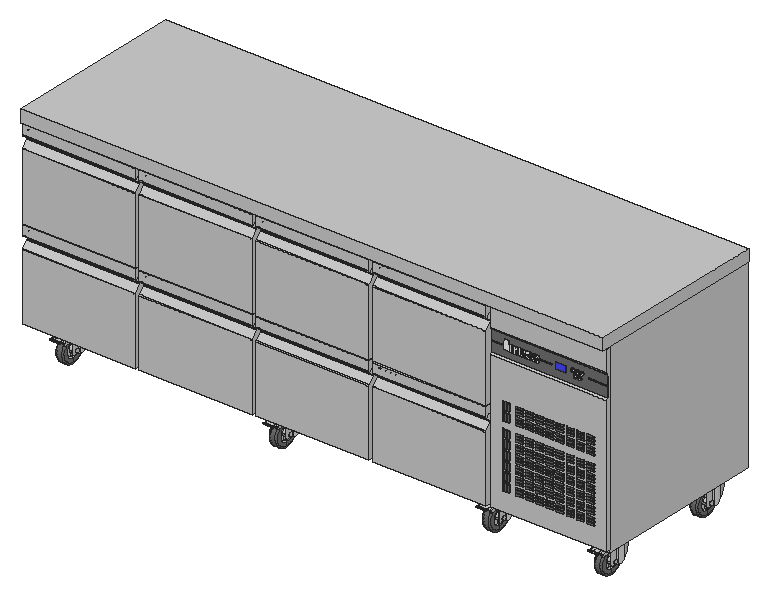
Revit family "QF_INOMAK_PNRP9999_250611031516", category Specialty Equipment, Revit 2021 (continued)
Definition of nested family "QF_INOMAK_REF_COUNTERS_DOORS_DRAWERS_35390"
  Nested families
    nested 8: "Hinged_Doors" at (0, 700, 0), Length Actual <- "Length Actual", Depth Actual <- "Depth Actual", Height Actual <- "Height Actual", Front inset <- "Front inset", Rear inset <- "Rear inset", Left panel thickness <- "Left panel thickness", Right panel thickness <- "Right panel thickness", Doors drawers type <- "Doors drawers type", Plinth height <- "Plinth height", Top inset <- "Top inset", Bottom inset <- "Bottom inset", Finish <- "Finish", type "Hinged doors"
      with Top inset 10 mm, Right panel thickness 0 mm, Rear inset 0 mm, Plinth height 0 mm, Length Actual 435 mm, Left panel thickness 0 mm, Hinged doors no, Height Actual 710 mm, Front inset 10 mm, Finish none, Doors drawers type 8, Depth Actual 700 mm, Bottom inset 10 mm
    nested 9: "Hopper" at (0, 700, 1.284), Length Actual <- "Length Actual", Depth Actual <- "Depth Actual", Height Actual <- "Height Actual", Front inset <- "Front inset", Rear inset <- "Rear inset", Left panel thickness <- "Left panel thickness", Right panel thickness <- "Right panel thickness", Doors drawers type <- "Doors drawers type", Plinth height <- "Plinth height", Top inset <- "Top inset", Bottom inset <- "Bottom inset", Finish <- "Finish", type "Hopper"
      with Top inset 10 mm, Right panel thickness 0 mm, Rear inset 0 mm, Plinth height 0 mm, Length Actual 435 mm, Left panel thickness 0 mm, Hopper no, Height Actual 710 mm, Front inset 10 mm, Finish none, Doors drawers type 8, Depth Actual 700 mm, Bottom inset 10 mm
  Definition of nested family "Left_Door"
    Parameters (values of type "Left door")
      URL = "www.specifiglobal.com"
      Top inset [instance] = 10 mm
      Right panel thickness [instance] = 0 mm
      Rear inset [instance] = 0 mm
      Plinth height [instance] = 150 mm
      Model = ""
      Manufacturer = "DEMO CONSULTANT"
      Length Actual [instance] = 700 mm
      Left panel thickness [instance] = 0 mm
      Left hand hinged door [instance] = Doors drawers type = 8  # yes
      Height Actual [instance] = 710 mm
      Front inset [instance] = 10 mm
      Finish = none
      Doors drawers type [instance] = 8
      Description = ""
      Depth Actual [instance] = 700 mm
      Default Elevation = 0 mm
      Bottom inset [instance] = 0 mm
      Assembly Code = "E1090320"
    Reference planes
      plane 1 "Back": y = 0
      plane 2: z = 0
      plane 3 "Left": x = 0
      plane 4 "Right": x = 700
      plane 5 "Front": y = -700
      plane 6 "Top": z = 860
      plane 7 "Front legs": y = -690
      plane 8 "Legs top": z = 150
      plane 9 "Backsplash thickness": y = 0
      plane 10 "Left panel": x = 0
      plane 11 "Right panel": x = 700
      plane 12: z = 850
      plane 13: z = 150
    Forms (mm)
      Extrusion 1, solid, material <- "Finish", visible <- "Left hand hinged door"
        sketch origin (0, 0, 0) x (0, -1, 0) y (0, 0, 1)
          loop
            line (690, 150) -> (690, 764.365)
            arc (690, 764.365) -> (689.866, 765.037) -> (689.485, 765.607) r 1.757
            line (689.485, 765.607) -> (666.663, 788.429)
            arc (666.663, 788.429) -> (665.976, 789.458) -> (665.734, 790.672) r 3.172
            line (665.734, 790.672) -> (665.734, 817.576)
            arc (665.734, 817.576) -> (666.433, 819.262) -> (668.119, 819.961) r 2.385
            line (668.119, 819.961) -> (680.029, 819.961) -> (686.544, 810.657)
            arc (686.544, 810.657) -> (688.671, 809.935) -> (690, 811.747) r 1.9
            line (690, 811.747) -> (690, 850) -> (648, 850) -> (648, 150) -> (690, 150)
        from 0 to -700
      Extrusion 2, solid, visible <- "Left hand hinged door", detail levels coarse
        sketch origin (0, -700, 150) x (-1, 0, 0) y (0, 1, 0)
          loop
            arc (-700, 10) -> (-495.871, -481.066) -> (0, -673.23) r 677.11
            line (0, -673.23) -> (0, 10) -> (-700, 10)
        from 0 to -700
    Lines and regions (mm)
      symbolic lines, visible <- "Left hand hinged door"
        curve 1: line (0, -700, 150) -> (0, -1373.247, 150)
        curve 2: arc (0, -1373.247, 150) -> (492.316, -1184.595, 150) -> (700, -700, 150) r 676.963
    Dimensions and locks
      "Length Actual": plane 3 "Left" to plane 4 "Right"
      "Depth Actual": plane 5 "Front" to plane 1 "Back"
      "Height Actual": plane 6 "Top" to plane 8 "Legs top"
      "Front inset": plane 7 "Front legs" to plane 5 "Front"
      "Plinth height": plane 8 "Legs top" to plane 2
      "Rear inset": plane 9 "Backsplash thickness" to plane 1 "Back"
      "Right panel thickness": plane 11 "Right panel" to plane 4 "Right"
      "Left panel thickness": plane 3 "Left" to plane 10 "Left panel"
      "Top inset": plane 6 "Top" to plane 12
      "Bottom inset": plane 13 to plane 8 "Legs top"
      aligned and locked: level to plane 2
      aligned and locked: Extrusion 1 to plane 11 "Right panel"
      aligned and locked: plane 10 "Left panel" to Extrusion 2 sketch curve
      aligned and locked: plane 11 "Right panel" to Extrusion 2 sketch curve
      aligned and locked: Extrusion 2 sketch curve to plane 10 "Left panel"
      aligned and locked: plane 7 "Front legs" to Extrusion 2 sketch curve
      aligned and locked: plane 7 "Front legs" to Extrusion 2
      aligned and locked: plane 10 "Left panel" to Extrusion 2
      aligned and locked: Extrusion 2 to plane 12
      aligned and locked: Extrusion 1 sketch curve to plane 13
      aligned and locked: Extrusion 1 sketch curve to plane 7 "Front legs"
      aligned and locked: Extrusion 1 sketch curve to plane 12
    Automatic sketch dimensions
      Extrusion 1 sketch curve to Extrusion 1 sketch curve = 1.556 mm
      Extrusion 1 sketch curve to Extrusion 1 sketch curve = 11.91 mm
      Extrusion 1 sketch curve to Extrusion 1 sketch curve = 2.243 mm
      Extrusion 1 sketch curve to Extrusion 1 sketch curve = 2.385 mm
      Extrusion 1 sketch curve to Extrusion 1 sketch curve = 20.119 mm
      Extrusion 1 sketch curve to Extrusion 1 sketch curve = 22.822 mm
      Extrusion 1 sketch curve to Extrusion 1 sketch curve = 19.985 mm
      Extrusion 1 sketch curve to Extrusion 1 sketch curve = 6.919 mm
      Extrusion 1 sketch curve to Extrusion 1 sketch curve = 30.039 mm
      plane 7 "Front legs" to Extrusion 1 sketch curve = 42 mm
      Extrusion 1 sketch curve to Extrusion 1 sketch curve = 0.929 mm
      Extrusion 1 sketch curve to Extrusion 1 sketch curve = 6.515 mm
      Extrusion 1 sketch curve to Extrusion 1 sketch curve = 1.242 mm
      Extrusion 1 sketch curve to Extrusion 1 sketch curve = 1.9 mm
      Extrusion 1 sketch curve to Extrusion 1 sketch curve = 0.515 mm
      plane 5 "Front" to Extrusion 2 sketch curve = 3.492 mm
      plane 3 "Left" to Extrusion 2 sketch curve = 22.921 mm
      curve 1 to plane 3 "Left" = 0 mm
      curve 2 to plane 4 "Right" = 0 mm
      curve 2 to plane 5 "Front" = 0 mm
      curve 1 to plane 5 "Front" = 0 mm
      plane 5 "Front" to curve 2 = 3.324 mm
      plane 3 "Left" to curve 2 = 23.045 mm
  Definition of nested family "Right_Door"
    Parameters (values of type "Right door")
      URL = "www.specifiglobal.com"
      Top inset [instance] = 4 mm
      Right panel thickness [instance] = 35 mm
      Right hand hinged door [instance] = Doors drawers type = 9  # yes
      Rear inset [instance] = 10 mm
      Plinth height [instance] = 150 mm
      Model = ""
      Manufacturer = "DEMO CONSULTANT"
      Length Actual [instance] = 1700 mm
      Left panel thickness [instance] = 35 mm
      Height Actual [instance] = 900 mm
      Front inset [instance] = 10 mm
      Finish = none
      Doors drawers type [instance] = 9
      Description = ""
      Depth Actual [instance] = 700 mm
      Default Elevation = 0 mm
      Bottom inset [instance] = 4 mm
      Assembly Code = "E1090320"
    Reference planes
      plane 1 "Back": y = 0
      plane 2: z = 0
      plane 3 "Left": x = 0
      plane 4 "Right": x = 1700
      plane 5 "Front": y = -700
      plane 6 "Top": z = 1050
      plane 7 "Front legs": y = -690
      plane 8 "Legs top": z = 150
      plane 9 "Backsplash thickness": y = -10
      plane 10 "Left panel": x = 35
      plane 11 "Right panel": x = 1665
      plane 12: z = 1046
      plane 13: z = 154
    Forms (mm)
      Extrusion 1, solid, material <- "Finish", visible <- "Right hand hinged door"
        sketch origin (35, 0, 0) x (0, -1, 0) y (0, 0, 1)
          loop
            line (690, 154) -> (690, 960.365)
            arc (690, 960.365) -> (689.866, 961.037) -> (689.485, 961.607) r 1.757
            line (689.485, 961.607) -> (666.663, 984.429)
            arc (666.663, 984.429) -> (665.976, 985.458) -> (665.734, 986.672) r 3.172
            line (665.734, 986.672) -> (665.734, 1013.576)
            arc (665.734, 1013.576) -> (666.433, 1015.262) -> (668.119, 1015.961) r 2.385
            line (668.119, 1015.961) -> (680.029, 1015.961) -> (686.544, 1006.657)
            arc (686.544, 1006.657) -> (688.671, 1005.935) -> (690, 1007.747) r 1.9
            line (690, 1007.747) -> (690, 1046) -> (648, 1046) -> (648, 154) -> (690, 154)
        from 0 to -1630
      Extrusion 2, solid, visible <- "Right hand hinged door", detail levels coarse
        sketch origin (0, -700, 154) x (-1, 0, 0) y (0, 1, 0)
          loop
            line (-1665, 10) -> (-1665, -1637.12)
            arc (-1665, -1637.12) -> (-517.894, -1142.214) -> (-35, 10) r 1670.236
            line (-35, 10) -> (-1665, 10)
        from 0 to -892
    Lines and regions (mm)
      symbolic lines, visible <- "Right hand hinged door"
        curve 1: line (1665, -2337.12, 150) -> (1665, -700, 150)
        curve 2: arc (1665, -2337.12, 150) -> (521.415, -1845.762, 150) -> (35.165, -699.995, 150) r 1670.236
    Dimensions and locks
      "Length Actual": plane 3 "Left" to plane 4 "Right"
      "Depth Actual": plane 5 "Front" to plane 1 "Back"
      "Height Actual": plane 6 "Top" to plane 8 "Legs top"
      "Front inset": plane 7 "Front legs" to plane 5 "Front"
      "Plinth height": plane 8 "Legs top" to plane 2
      "Rear inset": plane 9 "Backsplash thickness" to plane 1 "Back"
      "Right panel thickness": plane 11 "Right panel" to plane 4 "Right"
      "Left panel thickness": plane 3 "Left" to plane 10 "Left panel"
      "Top inset": plane 6 "Top" to plane 12
      "Bottom inset": plane 13 to plane 8 "Legs top"
      aligned and locked: level to plane 2
      aligned and locked: Extrusion 1 to plane 11 "Right panel"
      aligned and locked: plane 10 "Left panel" to Extrusion 2 sketch curve
      aligned and locked: plane 11 "Right panel" to Extrusion 2 sketch curve
      aligned and locked: plane 7 "Front legs" to Extrusion 2
      aligned and locked: plane 7 "Front legs" to Extrusion 2 sketch curve
      aligned and locked: Extrusion 2 sketch curve to plane 11 "Right panel"
      aligned and locked: curve 1 to Extrusion 2
      aligned and locked: plane 5 "Front" to curve 1
      aligned and locked: Extrusion 2 to plane 12
      aligned and locked: Extrusion 1 sketch curve to plane 12
      aligned and locked: Extrusion 1 sketch curve to plane 7 "Front legs"
      aligned and locked: Extrusion 1 sketch curve to plane 13
      aligned and locked: curve 2 to Extrusion 2
    Automatic sketch dimensions
      Extrusion 1 sketch curve to Extrusion 1 sketch curve = 1.556 mm
      Extrusion 1 sketch curve to Extrusion 1 sketch curve = 11.91 mm
      Extrusion 1 sketch curve to Extrusion 1 sketch curve = 2.243 mm
      Extrusion 1 sketch curve to Extrusion 1 sketch curve = 2.385 mm
      Extrusion 1 sketch curve to Extrusion 1 sketch curve = 20.119 mm
      Extrusion 1 sketch curve to Extrusion 1 sketch curve = 22.822 mm
      Extrusion 1 sketch curve to Extrusion 1 sketch curve = 19.985 mm
      Extrusion 1 sketch curve to Extrusion 1 sketch curve = 6.919 mm
      Extrusion 1 sketch curve to Extrusion 1 sketch curve = 30.039 mm
      plane 7 "Front legs" to Extrusion 1 sketch curve = 42 mm
      Extrusion 1 sketch curve to Extrusion 1 sketch curve = 0.929 mm
      Extrusion 1 sketch curve to Extrusion 1 sketch curve = 6.515 mm
      Extrusion 1 sketch curve to Extrusion 1 sketch curve = 1.242 mm
      Extrusion 1 sketch curve to Extrusion 1 sketch curve = 1.9 mm
      Extrusion 1 sketch curve to Extrusion 1 sketch curve = 0.515 mm
      Extrusion 2 sketch curve to plane 4 "Right" = 5.083 mm
      plane 7 "Front legs" to Extrusion 2 sketch curve = 22.635 mm
      plane 5 "Front" to curve 2 = 0.005 mm
  Definition of nested family "3_Drawers_1-3"
    Parameters (values of type "3 Drawers 1-3")
      URL = "www.specifiglobal.com"
      Top inset [instance] = 4 mm
      Right panel thickness [instance] = 35 mm
      Rear inset [instance] = 10 mm
      Plinth height [instance] = 150 mm
      Model = ""
      Manufacturer = "DEMO CONSULTANT"
      Length Actual [instance] = 1200 mm
      Left panel thickness [instance] = 35 mm
      Height Actual [instance] = 900 mm
      Front inset [instance] = 10 mm
      Finish = none
      Doors drawers type [instance] = 6
      Description = ""
      Depth Actual [instance] = 700 mm
      Default Elevation = 0 mm
      Bottom inset [instance] = 4 mm
      Assembly Code = "E1090320"
      3 Drawers [instance] = Doors drawers type = 6  # yes
    Reference planes
      plane 1 "Back": y = 0
      plane 2: z = 0
      plane 3 "Left": x = 0
      plane 4 "Right": x = 1200
      plane 5 "Front": y = -700
      plane 6 "Top": z = 1050
      plane 7 "Front legs": y = -690
      plane 8 "Legs top": z = 150
      plane 9 "Backsplash thickness": y = -10
      plane 10 "Left panel": x = 35
      plane 11 "Right panel": x = 1165
      plane 12: z = 749.333
      plane 13: z = 1046
      plane 14: z = 751.667
      plane 15: z = 747
      plane 16: z = 1048
      plane 17: z = 450.667
      plane 18: z = 453.333
      plane 19: z = 448
      plane 20: z = 154
      plane 21: z = 152
    Forms (mm)
      Extrusion 1, solid, material <- "Finish", visible <- "3 Drawers"
        sketch origin (35, 0, 0) x (0, -1, 0) y (0, 0, 1)
          loop
            line (690, 751.667) -> (690, 960.365)
            arc (690, 960.365) -> (689.866, 961.037) -> (689.485, 961.607) r 1.757
            line (689.485, 961.607) -> (666.663, 984.429)
            arc (666.663, 984.429) -> (665.976, 985.458) -> (665.734, 986.672) r 3.172
            line (665.734, 986.672) -> (665.734, 1013.576)
            arc (665.734, 1013.576) -> (666.433, 1015.262) -> (668.119, 1015.961) r 2.385
            line (668.119, 1015.961) -> (680.029, 1015.961) -> (686.544, 1006.657)
            arc (686.544, 1006.657) -> (688.671, 1005.935) -> (690, 1007.747) r 1.9
            line (690, 1007.747) -> (690, 1046) -> (648, 1046) -> (648, 751.667) -> (690, 751.667)
        from 0 to -1130
      Extrusion 2, solid, visible <- "3 Drawers", detail levels coarse
        sketch origin (0, -640.463, 751.667) x (0, 1, 0) y (-1, 0, 0)
          loop
            line (-49.537, -35) -> (-624.582, -35) -> (-624.582, -1165) -> (-49.537, -1165) -> (-49.537, -35)
        from 0 to 294.333
      Extrusion 3, solid, visible <- "3 Drawers", detail levels coarse
        sketch origin (0, -640.463, 453.333) x (0, 1, 0) y (-1, 0, 0)
          loop
            line (-49.537, -35) -> (-624.582, -35) -> (-624.582, -1165) -> (-49.537, -1165) -> (-49.537, -35)
        from 0 to 293.667
      Extrusion 4, solid, visible <- "3 Drawers", detail levels coarse
        sketch origin (0, -700, 154) x (-1, 0, 0) y (0, 1, 0)
          loop
            line (-35, 10) -> (-1165, 10) -> (-1165, -565.045) -> (-35, -565.045) -> (-35, 10)
        from 0 to -294
      Extrusion 5, solid, material <- "Finish", visible <- "3 Drawers"
        sketch origin (35, 0, -220.667) x (0, -1, 0) y (0, 0, 1)
          loop
            line (690, 674) -> (690, 882.031)
            arc (690, 882.031) -> (689.866, 882.704) -> (689.485, 883.274) r 1.757
            line (689.485, 883.274) -> (666.663, 906.096)
            arc (666.663, 906.096) -> (665.976, 907.125) -> (665.734, 908.339) r 3.172
            line (665.734, 908.339) -> (665.734, 935.243)
            arc (665.734, 935.243) -> (666.433, 936.929) -> (668.119, 937.628) r 2.385
            line (668.119, 937.628) -> (680.029, 937.628) -> (686.544, 928.324)
            arc (686.544, 928.324) -> (688.671, 927.602) -> (690, 929.414) r 1.9
            line (690, 929.414) -> (690, 967.667) -> (648, 967.667) -> (648, 674) -> (690, 674)
        from 0 to -1130
      Extrusion 6, solid, material <- "Finish", visible <- "3 Drawers"
        sketch origin (35, 0, -441.333) x (0, -1, 0) y (0, 0, 1)
          loop
            line (690, 595.333) -> (690, 800.031)
            arc (690, 800.031) -> (689.866, 800.704) -> (689.485, 801.274) r 1.757
            line (689.485, 801.274) -> (666.663, 824.096)
            arc (666.663, 824.096) -> (665.976, 825.125) -> (665.734, 826.339) r 3.172
            line (665.734, 826.339) -> (665.734, 857.243)
            arc (665.734, 857.243) -> (666.433, 858.929) -> (668.119, 859.628) r 2.385
            line (668.119, 859.628) -> (680.029, 859.628) -> (686.544, 850.324)
            arc (686.544, 850.324) -> (688.671, 849.602) -> (690, 851.414) r 1.9
            line (690, 851.414) -> (690, 889.333) -> (648, 889.333) -> (648, 595.333) -> (690, 595.333)
        from 0 to -1130
    Lines and regions (mm)
      symbolic lines, visible <- "3 Drawers"
        curve 1: line (35, -850, 900) -> (35, -890, 900)
        curve 2: line (35, -890, 900) -> (1165, -890, 900)
        curve 3: line (1165, -890, 900) -> (1165, -850, 900)
        curve 4: line (1165, -850, 900) -> (35, -850, 900)
        curve 5: line (1135, -850, 900) -> (1135, -700, 900)
        curve 6: line (65, -850, 900) -> (65, -700, 900)
        curve 7: line (35, -1040, 900) -> (35, -1080, 900)
        curve 8: line (35, -1080, 900) -> (1165, -1080, 900)
        curve 9: line (1165, -1080, 900) -> (1165, -1040, 900)
        curve 10: line (1165, -1040, 900) -> (35, -1040, 900)
        curve 11: line (1135, -1040, 900) -> (1135, -890, 900)
        curve 12: line (65, -1040, 900) -> (65, -890, 900)
        curve 13: line (35, -1225, 900) -> (35, -1265, 900)
        curve 14: line (35, -1265, 900) -> (1165, -1265, 900)
        curve 15: line (1165, -1265, 900) -> (1165, -1225, 900)
        curve 16: line (1165, -1225, 900) -> (35, -1225, 900)
        curve 17: line (1135, -1225, 900) -> (1135, -1080, 900)
        curve 18: line (65, -1225, 900) -> (65, -1080, 900)
    Dimensions and locks
      "Length Actual": plane 3 "Left" to plane 4 "Right"
      "Depth Actual": plane 5 "Front" to plane 1 "Back"
      "Height Actual": plane 6 "Top" to plane 8 "Legs top"
      "Front inset": plane 7 "Front legs" to plane 5 "Front"
      "Plinth height": plane 8 "Legs top" to plane 2
      "Rear inset": plane 9 "Backsplash thickness" to plane 1 "Back"
      "Right panel thickness": plane 11 "Right panel" to plane 4 "Right"
      "Left panel thickness": plane 3 "Left" to plane 10 "Left panel"
      plane 14 to plane 15 = 4.667 mm
      equal spacing: plane 14, plane 12, plane 15
      locked: plane 16 to plane 13 at 2
      equal spacing: plane 18, plane 17, plane 19
      plane 18 to plane 19 = 5.333 mm
      "Bottom inset": plane 20 to plane 8 "Legs top"
      equal spacing: plane 21, plane 17, plane 12, plane 16
      "Top inset": plane 13 to plane 6 "Top"
      locked: plane 21 to plane 20 at 2
      aligned and locked: level to plane 2
      aligned and locked: Extrusion 1 to plane 11 "Right panel"
      aligned and locked: plane 10 "Left panel" to curve 1
      aligned and locked: plane 10 "Left panel" to curve 7
      aligned and locked: plane 10 "Left panel" to curve 13
      aligned and locked: Extrusion 2 sketch curve to plane 10 "Left panel"
      aligned and locked: plane 11 "Right panel" to Extrusion 2 sketch curve
      aligned and locked: Extrusion 3 sketch curve to plane 10 "Left panel"
      aligned and locked: plane 11 "Right panel" to Extrusion 3 sketch curve
      aligned and locked: Extrusion 4 sketch curve to plane 10 "Left panel"
      aligned and locked: plane 11 "Right panel" to Extrusion 4 sketch curve
      aligned and locked: Extrusion 2 to plane 13
      aligned and locked: Extrusion 3 to plane 15
      aligned and locked: Extrusion 4 to plane 19
      aligned and locked: Extrusion 5 to plane 11 "Right panel"
      aligned and locked: Extrusion 6 to plane 11 "Right panel"
      aligned and locked: Extrusion 1 sketch curve to plane 13
      aligned and locked: Extrusion 1 sketch curve to plane 7 "Front legs"
      aligned and locked: plane 18 to Extrusion 5 sketch curve
      aligned and locked: Extrusion 6 sketch curve to Extrusion 4  (x2)
      aligned and locked: Extrusion 5 sketch curve to plane 15
      aligned and locked: Extrusion 4 to Extrusion 5 sketch curve
      aligned and locked: Extrusion 6 sketch curve to plane 19
      aligned and locked: Extrusion 6 sketch curve to plane 20
    Automatic sketch dimensions
      Extrusion 2 sketch curve to plane 7 "Front legs" = 0 mm
      Extrusion 2 sketch curve to plane 5 "Front" = 565.045 mm
      Extrusion 3 sketch curve to plane 7 "Front legs" = 0 mm
      Extrusion 3 sketch curve to plane 5 "Front" = 565.045 mm
      Extrusion 4 sketch curve to plane 7 "Front legs" = 0 mm
      Extrusion 4 sketch curve to plane 5 "Front" = 565.045 mm
      curve 14 to plane 11 "Right panel" = 0 mm
      curve 8 to plane 11 "Right panel" = 0 mm
      curve 3 to plane 11 "Right panel" = 0 mm
      curve 6 to plane 5 "Front" = 0 mm
      curve 5 to plane 5 "Front" = 0 mm
      curve 1 to plane 5 "Front" = 150 mm
      curve 2 to curve 3 = 40 mm
      curve 10 to curve 1 = 150 mm
      curve 9 to curve 9 = 40 mm
      curve 13 to curve 7 = 145 mm
      curve 14 to curve 13 = 40 mm
      curve 3 to curve 5 = 30 mm
      curve 15 to curve 17 = 30 mm
      curve 11 to curve 17 = 0 mm
      curve 6 to plane 10 "Left panel" = 30 mm
      curve 18 to plane 10 "Left panel" = 30 mm
      curve 12 to curve 18 = 0 mm
      Extrusion 1 sketch curve to plane 14 = 0 mm
      Extrusion 1 sketch curve to plane 7 "Front legs" = 0 mm
      plane 7 "Front legs" to Extrusion 1 sketch curve = 0.515 mm
      plane 7 "Front legs" to Extrusion 1 sketch curve = 1.757 mm
      plane 7 "Front legs" to Extrusion 1 sketch curve = 1.9 mm
      Extrusion 1 sketch curve to Extrusion 1 sketch curve = 1.556 mm
      plane 7 "Front legs" to Extrusion 1 sketch curve = 9.971 mm
      plane 7 "Front legs" to Extrusion 1 sketch curve = 21.094 mm
      Extrusion 1 sketch curve to Extrusion 1 sketch curve = 11.91 mm
      Extrusion 1 sketch curve to Extrusion 1 sketch curve = 2.243 mm
      Extrusion 1 sketch curve to Extrusion 1 sketch curve = 2.385 mm
      Extrusion 1 sketch curve to Extrusion 1 sketch curve = 20.119 mm
      plane 13 to Extrusion 1 sketch curve = 85.635 mm
      Extrusion 1 sketch curve to Extrusion 1 sketch curve = 22.822 mm
      Extrusion 1 sketch curve to Extrusion 1 sketch curve = 19.985 mm
      Extrusion 1 sketch curve to Extrusion 1 sketch curve = 6.919 mm
      plane 15 to Extrusion 5 sketch curve = 59.328 mm
      Extrusion 5 sketch curve to Extrusion 5 sketch curve = 17.734 mm
      plane 15 to Extrusion 5 sketch curve = 61.571 mm
      Extrusion 5 sketch curve to Extrusion 5 sketch curve = 0.929 mm
      Extrusion 5 sketch curve to Extrusion 5 sketch curve = 2.385 mm
      Extrusion 5 sketch curve to Extrusion 5 sketch curve = 11.91 mm
      Extrusion 5 sketch curve to Extrusion 5 sketch curve = 6.515 mm
      Extrusion 5 sketch curve to Extrusion 5 sketch curve = 1.556 mm
      Extrusion 5 sketch curve to Extrusion 5 sketch curve = 21.58 mm
      plane 15 to Extrusion 5 sketch curve = 84.393 mm
      Extrusion 5 sketch curve to Extrusion 5 sketch curve = 1.242 mm
      Extrusion 5 sketch curve to Extrusion 5 sketch curve = 1.9 mm
      Extrusion 5 sketch curve to Extrusion 5 sketch curve = 0.515 mm
      Extrusion 5 sketch curve to Extrusion 5 sketch curve = 6.919 mm
      Extrusion 5 sketch curve to Extrusion 5 sketch curve = 30.039 mm
      plane 7 "Front legs" to Extrusion 6 sketch curve = 0.515 mm
      plane 7 "Front legs" to Extrusion 6 sketch curve = 1.757 mm
      plane 7 "Front legs" to Extrusion 6 sketch curve = 1.9 mm
      Extrusion 6 sketch curve to Extrusion 6 sketch curve = 1.556 mm
      plane 7 "Front legs" to Extrusion 6 sketch curve = 9.971 mm
      plane 7 "Front legs" to Extrusion 6 sketch curve = 21.094 mm
      Extrusion 6 sketch curve to Extrusion 6 sketch curve = 11.91 mm
      Extrusion 6 sketch curve to Extrusion 6 sketch curve = 2.243 mm
      Extrusion 6 sketch curve to Extrusion 6 sketch curve = 2.385 mm
      Extrusion 6 sketch curve to Extrusion 6 sketch curve = 20.119 mm
      plane 19 to Extrusion 6 sketch curve = 89.302 mm
      Extrusion 6 sketch curve to Extrusion 6 sketch curve = 22.822 mm
      Extrusion 6 sketch curve to Extrusion 6 sketch curve = 23.985 mm
      Extrusion 6 sketch curve to Extrusion 6 sketch curve = 6.919 mm
  Definition of nested family "2_Drawers_1-2"
    Parameters (values of type "2 Drawers 1-2")
      URL = "www.specifiglobal.com"
      Top inset [instance] = 4 mm
      Right panel thickness [instance] = 35 mm
      Rear inset [instance] = 10 mm
      Plinth height [instance] = 150 mm
      Model = ""
      Manufacturer = "DEMO CONSULTANT"
      Length Actual [instance] = 1200 mm
      Left panel thickness [instance] = 35 mm
      Height Actual [instance] = 900 mm
      Front inset [instance] = 10 mm
      Finish = none
      Doors drawers type [instance] = 4
      Description = ""
      Depth Actual [instance] = 700 mm
      Default Elevation = 0 mm
      Bottom inset [instance] = 4 mm
      Assembly Code = "E1090320"
      2 Drawers [instance] = Doors drawers type = 4  # yes
    Reference planes
      plane 1 "Back": y = 0
      plane 2: z = 0
      plane 3 "Left": x = 0
      plane 4 "Right": x = 1200
      plane 5 "Front": y = -700
      plane 6 "Top": z = 1050
      plane 7 "Front legs": y = -690
      plane 8 "Legs top": z = 150
      plane 9 "Backsplash thickness": y = -10
      plane 10 "Left panel": x = 35
      plane 11 "Right panel": x = 1165
      plane 12: z = 600
      plane 13: z = 1046
      plane 14: z = 602
      plane 15: z = 598
      plane 16: z = 154
    Forms (mm)
      Extrusion 1, solid, material <- "Finish", visible <- "2 Drawers"
        sketch origin (35, 0, 0) x (0, -1, 0) y (0, 0, 1)
          loop
            line (690, 602) -> (690, 960.365)
            arc (690, 960.365) -> (689.866, 961.037) -> (689.485, 961.607) r 1.757
            line (689.485, 961.607) -> (666.663, 984.429)
            arc (666.663, 984.429) -> (665.976, 985.458) -> (665.734, 986.672) r 3.172
            line (665.734, 986.672) -> (665.734, 1013.576)
            arc (665.734, 1013.576) -> (666.433, 1015.262) -> (668.119, 1015.961) r 2.385
            line (668.119, 1015.961) -> (680.029, 1015.961) -> (686.544, 1006.657)
            arc (686.544, 1006.657) -> (688.671, 1005.935) -> (690, 1007.747) r 1.9
            line (690, 1007.747) -> (690, 1046) -> (648, 1046) -> (648, 602) -> (690, 602)
        from 0 to -1130
      Extrusion 2, solid, visible <- "2 Drawers", detail levels coarse
        sketch origin (0, -640.463, 602) x (0, 1, 0) y (-1, 0, 0)
          loop
            line (-49.537, -35) -> (-624.537, -35) -> (-624.537, -1165) -> (-49.537, -1165) -> (-49.537, -35)
        from 0 to 444
      Extrusion 3, solid, visible <- "2 Drawers", detail levels coarse
        sketch origin (0, -700, 154) x (-1, 0, 0) y (0, 1, 0)
          loop
            line (-35, 10) -> (-1165, 10) -> (-1165, -565) -> (-35, -565) -> (-35, 10)
        from 0 to -444
      Extrusion 4, solid, material <- "Finish", visible <- "2 Drawers"
        sketch origin (35, 0, -441.333) x (0, -1, 0) y (0, 0, 1)
          loop
            line (690, 595.333) -> (690, 953.698)
            arc (690, 953.698) -> (689.866, 954.37) -> (689.485, 954.94) r 1.757
            line (689.485, 954.94) -> (666.663, 977.763)
            arc (666.663, 977.763) -> (665.976, 978.792) -> (665.734, 980.006) r 3.172
            line (665.734, 980.006) -> (665.734, 1006.909)
            arc (665.734, 1006.909) -> (666.433, 1008.596) -> (668.119, 1009.294) r 2.385
            line (668.119, 1009.294) -> (680.029, 1009.294) -> (686.544, 999.991)
            arc (686.544, 999.991) -> (688.671, 999.268) -> (690, 1001.08) r 1.9
            line (690, 1001.08) -> (690, 1039.333) -> (648, 1039.333) -> (648, 595.333) -> (690, 595.333)
        from 0 to -1130
    Lines and regions (mm)
      symbolic lines, visible <- "2 Drawers"
        curve 1: line (35, -940, 900) -> (35, -980, 900)
        curve 2: line (35, -980, 900) -> (1165, -980, 900)
        curve 3: line (1165, -980, 900) -> (1165, -940, 900)
        curve 4: line (1165, -940, 900) -> (35, -940, 900)
        curve 5: line (1135, -940, 900) -> (1135, -700, 900)
        curve 6: line (65, -940, 900) -> (65, -700, 900)
        curve 7: line (35, -1225, 900) -> (35, -1265, 900)
        curve 8: line (35, -1265, 900) -> (1165, -1265, 900)
        curve 9: line (1165, -1265, 900) -> (1165, -1225, 900)
        curve 10: line (1165, -1225, 900) -> (35, -1225, 900)
        curve 11: line (1135, -1225, 900) -> (1135, -980, 900)
        curve 12: line (65, -1225, 900) -> (65, -980, 900)
    Dimensions and locks
      "Length Actual": plane 3 "Left" to plane 4 "Right"
      "Depth Actual": plane 5 "Front" to plane 1 "Back"
      "Height Actual": plane 6 "Top" to plane 8 "Legs top"
      "Front inset": plane 7 "Front legs" to plane 5 "Front"
      "Plinth height": plane 8 "Legs top" to plane 2
      "Rear inset": plane 9 "Backsplash thickness" to plane 1 "Back"
      "Right panel thickness": plane 11 "Right panel" to plane 4 "Right"
      "Left panel thickness": plane 3 "Left" to plane 10 "Left panel"
      "Top inset": plane 6 "Top" to plane 13
      "Bottom inset": plane 16 to plane 8 "Legs top"
      equal spacing: plane 16, plane 12, plane 13
      locked: plane 14 to plane 12 at 2
      locked: plane 15 to plane 12 at 2
      aligned and locked: level to plane 2
      aligned and locked: Extrusion 1 to plane 11 "Right panel"
      aligned and locked: plane 10 "Left panel" to curve 1
      aligned and locked: plane 10 "Left panel" to curve 7
      aligned and locked: Extrusion 2 sketch curve to plane 10 "Left panel"
      aligned and locked: plane 11 "Right panel" to Extrusion 2 sketch curve
      aligned and locked: Extrusion 3 sketch curve to plane 10 "Left panel"
      aligned and locked: plane 11 "Right panel" to Extrusion 3 sketch curve
      aligned and locked: Extrusion 2 to plane 13
      aligned and locked: Extrusion 4 to plane 11 "Right panel"
      aligned and locked: Extrusion 3 to plane 15
      aligned and locked: Extrusion 1 sketch curve to plane 13
      aligned and locked: Extrusion 1 sketch curve to plane 7 "Front legs"
      aligned and locked: plane 14 to Extrusion 1 sketch curve
      aligned and locked: Extrusion 4 sketch curve to plane 15
      aligned and locked: Extrusion 4 sketch curve to plane 7 "Front legs"
      aligned and locked: Extrusion 4 sketch curve to plane 16
    Automatic sketch dimensions
      Extrusion 2 sketch curve to plane 7 "Front legs" = 0 mm
      Extrusion 2 sketch curve to plane 5 "Front" = 565 mm
      Extrusion 3 sketch curve to plane 7 "Front legs" = 0 mm
      Extrusion 3 sketch curve to plane 5 "Front" = 565 mm
      curve 9 to plane 11 "Right panel" = 0 mm
      curve 2 to plane 11 "Right panel" = 0 mm
      curve 5 to plane 5 "Front" = 0 mm
      curve 6 to plane 5 "Front" = 0 mm
      curve 1 to plane 5 "Front" = 240 mm
      curve 3 to curve 3 = 40 mm
      curve 7 to curve 1 = 245 mm
      curve 8 to curve 9 = 40 mm
      plane 11 "Right panel" to curve 5 = 30 mm
      curve 2 to curve 11 = 30 mm
      curve 6 to plane 10 "Left panel" = 30 mm
      curve 12 to plane 10 "Left panel" = 30 mm
      Extrusion 1 sketch curve to Extrusion 1 sketch curve = 17.734 mm
      Extrusion 1 sketch curve to Extrusion 1 sketch curve = 0.929 mm
      Extrusion 1 sketch curve to Extrusion 1 sketch curve = 2.385 mm
      Extrusion 1 sketch curve to Extrusion 1 sketch curve = 3.172 mm
      Extrusion 1 sketch curve to Extrusion 1 sketch curve = 11.91 mm
      Extrusion 1 sketch curve to Extrusion 1 sketch curve = 6.515 mm
      Extrusion 1 sketch curve to Extrusion 1 sketch curve = 1.556 mm
      Extrusion 1 sketch curve to Extrusion 1 sketch curve = 21.58 mm
      Extrusion 1 sketch curve to Extrusion 1 sketch curve = 1.242 mm
      Extrusion 1 sketch curve to Extrusion 1 sketch curve = 1.9 mm
      Extrusion 1 sketch curve to Extrusion 1 sketch curve = 0.515 mm
      Extrusion 1 sketch curve to Extrusion 1 sketch curve = 22.822 mm
      Extrusion 1 sketch curve to Extrusion 1 sketch curve = 19.985 mm
      Extrusion 1 sketch curve to Extrusion 1 sketch curve = 6.919 mm
      Extrusion 1 sketch curve to Extrusion 1 sketch curve = 30.039 mm
      Extrusion 4 sketch curve to plane 7 "Front legs" = 0 mm
      plane 7 "Front legs" to Extrusion 4 sketch curve = 0.515 mm
      plane 7 "Front legs" to Extrusion 4 sketch curve = 1.757 mm
      plane 7 "Front legs" to Extrusion 4 sketch curve = 1.9 mm
      Extrusion 4 sketch curve to Extrusion 4 sketch curve = 1.556 mm
      plane 7 "Front legs" to Extrusion 4 sketch curve = 9.971 mm
      plane 7 "Front legs" to Extrusion 4 sketch curve = 21.094 mm
      Extrusion 4 sketch curve to Extrusion 4 sketch curve = 11.91 mm
      Extrusion 4 sketch curve to Extrusion 4 sketch curve = 2.243 mm
      Extrusion 4 sketch curve to Extrusion 4 sketch curve = 2.385 mm
      Extrusion 4 sketch curve to Extrusion 4 sketch curve = 20.119 mm
      Extrusion 4 sketch curve to Extrusion 4 sketch curve = 22.822 mm
      Extrusion 4 sketch curve to Extrusion 4 sketch curve = 19.985 mm
      Extrusion 4 sketch curve to Extrusion 4 sketch curve = 6.919 mm
      Extrusion 4 sketch curve to Extrusion 4 sketch curve = 30.039 mm
  Definition of nested family "2_Drawers_1-3_2-3"
    Parameters (values of type "2 Drawers 1-3 and 2-3")
      URL = "www.specifiglobal.com"
      Top inset [instance] = 4 mm
      Right panel thickness [instance] = 35 mm
      Rear inset [instance] = 10 mm
      Plinth height [instance] = 150 mm
      Model = ""
      Manufacturer = "DEMO CONSULTANT"
      Length Actual [instance] = 1200 mm
      Left panel thickness [instance] = 35 mm
      Height Actual [instance] = 900 mm
      Front inset [instance] = 10 mm
      Finish = none
      Doors drawers type [instance] = 5
      Description = ""
      Depth Actual [instance] = 700 mm
      Default Elevation = 0 mm
      Bottom inset [instance] = 4 mm
      Assembly Code = "E1090320"
      2 Drawers 1-3 and 2-3 [instance] = Doors drawers type = 5  # yes
    Reference planes
      plane 1 "Back": y = 0
      plane 2: z = 0
      plane 3 "Left": x = 0
      plane 4 "Right": x = 1200
      plane 5 "Front": y = -700
      plane 6 "Top": z = 1050
      plane 7 "Front legs": y = -690
      plane 8 "Legs top": z = 150
      plane 9 "Backsplash thickness": y = -10
      plane 10 "Left panel": x = 35
      plane 11 "Right panel": x = 1165
      plane 12: z = 1046
      plane 13: z = 751.833
      plane 14: z = 746.833
      plane 15: z = 154
      plane 16: z = 450.667
      plane 17: z = 152
      plane 18: z = 1048
      plane 19: z = 749.333
    Forms (mm)
      Extrusion 1, solid, material <- "Finish", visible <- "2 Drawers 1-3 and 2-3"
        sketch origin (35, 0, 0) x (0, -1, 0) y (0, 0, 1)
          loop
            line (690, 751.833) -> (690, 960.365)
            arc (690, 960.365) -> (689.866, 961.037) -> (689.485, 961.607) r 1.757
            line (689.485, 961.607) -> (666.663, 984.429)
            arc (666.663, 984.429) -> (665.976, 985.458) -> (665.734, 986.672) r 3.172
            line (665.734, 986.672) -> (665.734, 1013.576)
            arc (665.734, 1013.576) -> (666.433, 1015.262) -> (668.119, 1015.961) r 2.385
            line (668.119, 1015.961) -> (680.029, 1015.961) -> (686.544, 1006.657)
            arc (686.544, 1006.657) -> (688.671, 1005.935) -> (690, 1007.747) r 1.9
            line (690, 1007.747) -> (690, 1046) -> (648, 1046) -> (648, 751.833) -> (690, 751.833)
        from 0 to -1130
      Extrusion 2, solid, visible <- "2 Drawers 1-3 and 2-3", detail levels coarse
        sketch origin (0, -640.463, 751.833) x (0, 1, 0) y (-1, 0, 0)
          loop
            line (-49.537, -35) -> (-624.537, -35) -> (-624.537, -1165) -> (-49.537, -1165) -> (-49.537, -35)
        from 0 to 294.167
      Extrusion 3, solid, visible <- "2 Drawers 1-3 and 2-3", detail levels coarse
        sketch origin (0, -700, 154) x (-1, 0, 0) y (0, 1, 0)
          loop
            line (-35, 10) -> (-1165, 10) -> (-1165, -565) -> (-35, -565) -> (-35, 10)
        from 0 to -592.833
      Extrusion 4, solid, material <- "Finish", visible <- "2 Drawers 1-3 and 2-3"
        sketch origin (35, 0, -441.333) x (0, -1, 0) y (0, 0, 1)
          loop
            line (690, 595.333) -> (690, 1101.698)
            arc (690, 1101.698) -> (689.866, 1102.37) -> (689.485, 1102.94) r 1.757
            line (689.485, 1102.94) -> (666.663, 1126.596)
            arc (666.663, 1126.596) -> (665.976, 1127.625) -> (665.734, 1128.839) r 3.172
            line (665.734, 1128.839) -> (665.734, 1155.743)
            arc (665.734, 1155.743) -> (666.433, 1157.429) -> (668.119, 1158.128) r 2.385
            line (668.119, 1158.128) -> (680.029, 1158.128) -> (686.544, 1148.824)
            arc (686.544, 1148.824) -> (688.671, 1148.102) -> (690, 1149.914) r 1.9
            line (690, 1149.914) -> (690, 1188.167) -> (648, 1188.167) -> (648, 595.333) -> (690, 595.333)
        from 0 to -1130
    Lines and regions (mm)
      symbolic lines, visible <- "2 Drawers 1-3 and 2-3"
        curve 1: line (35, -1000, 900) -> (35, -1040, 900)
        curve 2: line (35, -1040, 900) -> (1165, -1040, 900)
        curve 3: line (1165, -1040, 900) -> (1165, -1000, 900)
        curve 4: line (1165, -1000, 900) -> (35, -1000, 900)
        curve 5: line (1135, -1000, 900) -> (1135, -700, 900)
        curve 6: line (65, -1000, 900) -> (65, -700, 900)
        curve 7: line (35, -1225, 900) -> (35, -1265, 900)
        curve 8: line (35, -1265, 900) -> (1165, -1265, 900)
        curve 9: line (1165, -1265, 900) -> (1165, -1225, 900)
        curve 10: line (1165, -1225, 900) -> (35, -1225, 900)
        curve 11: line (1135, -1225, 900) -> (1135, -1040, 900)
        curve 12: line (65, -1225, 900) -> (65, -1040, 900)
    Dimensions and locks
      "Length Actual": plane 3 "Left" to plane 4 "Right"
      "Depth Actual": plane 5 "Front" to plane 1 "Back"
      "Height Actual": plane 6 "Top" to plane 8 "Legs top"
      "Front inset": plane 7 "Front legs" to plane 5 "Front"
      "Plinth height": plane 8 "Legs top" to plane 2
      "Rear inset": plane 9 "Backsplash thickness" to plane 1 "Back"
      "Right panel thickness": plane 11 "Right panel" to plane 4 "Right"
      "Left panel thickness": plane 3 "Left" to plane 10 "Left panel"
      "Top inset": plane 6 "Top" to plane 12
      locked: plane 13 to plane 14 at 5
      "Bottom inset": plane 15 to plane 8 "Legs top"
      equal spacing: plane 17, plane 16, plane 19, plane 18
      equal spacing: plane 12, plane 18, plane 6 "Top"
      equal spacing: plane 14, plane 19, plane 13
      equal spacing: plane 15, plane 17, plane 8 "Legs top"
      aligned and locked: level to plane 2
      aligned and locked: Extrusion 1 to plane 11 "Right panel"
      aligned and locked: plane 10 "Left panel" to curve 1
      aligned and locked: plane 10 "Left panel" to curve 7
      aligned and locked: Extrusion 2 sketch curve to plane 10 "Left panel"
      aligned and locked: plane 11 "Right panel" to Extrusion 2 sketch curve
      aligned and locked: Extrusion 3 sketch curve to plane 10 "Left panel"
      aligned and locked: plane 11 "Right panel" to Extrusion 3 sketch curve
      aligned and locked: Extrusion 2 to plane 12
      aligned and locked: Extrusion 4 to plane 11 "Right panel"
      aligned and locked: Extrusion 3 to plane 14
      aligned and locked: plane 13 to Extrusion 1 sketch curve
      aligned and locked: Extrusion 2 to Extrusion 1 sketch curve
      aligned and locked: Extrusion 3 to Extrusion 4 sketch curve
      aligned and locked: Extrusion 4 sketch curve to Extrusion 3  (x2)
      aligned and locked: Extrusion 1 sketch curve to plane 7 "Front legs"
    Automatic sketch dimensions
      Extrusion 2 sketch curve to plane 7 "Front legs" = 0 mm
      Extrusion 2 sketch curve to plane 5 "Front" = 565 mm
      Extrusion 3 sketch curve to plane 7 "Front legs" = 0 mm
      Extrusion 3 sketch curve to plane 5 "Front" = 565 mm
      curve 9 to plane 11 "Right panel" = 0 mm
      curve 2 to plane 11 "Right panel" = 0 mm
      curve 5 to plane 5 "Front" = 0 mm
      curve 6 to plane 5 "Front" = 0 mm
      curve 1 to plane 5 "Front" = 300 mm
      curve 3 to curve 3 = 40 mm
      curve 7 to curve 1 = 185 mm
      curve 8 to curve 9 = 40 mm
      plane 11 "Right panel" to curve 5 = 30 mm
      curve 11 to curve 5 = 0 mm
      curve 6 to plane 10 "Left panel" = 30 mm
      curve 12 to curve 6 = 0 mm
      Extrusion 1 sketch curve to plane 7 "Front legs" = 0 mm
      plane 7 "Front legs" to Extrusion 1 sketch curve = 0.515 mm
      plane 7 "Front legs" to Extrusion 1 sketch curve = 1.757 mm
      plane 7 "Front legs" to Extrusion 1 sketch curve = 1.9 mm
      Extrusion 1 sketch curve to Extrusion 1 sketch curve = 1.556 mm
      plane 7 "Front legs" to Extrusion 1 sketch curve = 9.971 mm
      plane 7 "Front legs" to Extrusion 1 sketch curve = 21.094 mm
      Extrusion 1 sketch curve to Extrusion 1 sketch curve = 11.91 mm
      Extrusion 1 sketch curve to Extrusion 1 sketch curve = 2.243 mm
      Extrusion 1 sketch curve to Extrusion 1 sketch curve = 2.385 mm
      Extrusion 1 sketch curve to Extrusion 1 sketch curve = 20.119 mm
      plane 12 to Extrusion 1 sketch curve = 85.635 mm
      Extrusion 1 sketch curve to Extrusion 1 sketch curve = 22.822 mm
      Extrusion 1 sketch curve to Extrusion 1 sketch curve = 19.985 mm
      Extrusion 1 sketch curve to Extrusion 1 sketch curve = 6.919 mm
      plane 12 to Extrusion 1 sketch curve = 0 mm
      Extrusion 4 sketch curve to plane 7 "Front legs" = 0 mm
      plane 7 "Front legs" to Extrusion 4 sketch curve = 0.515 mm
      plane 7 "Front legs" to Extrusion 4 sketch curve = 1.9 mm
      Extrusion 4 sketch curve to Extrusion 4 sketch curve = 1.556 mm
      plane 7 "Front legs" to Extrusion 4 sketch curve = 9.971 mm
      plane 7 "Front legs" to Extrusion 4 sketch curve = 21.094 mm
      Extrusion 4 sketch curve to Extrusion 4 sketch curve = 11.91 mm
      Extrusion 4 sketch curve to Extrusion 4 sketch curve = 2.243 mm
      Extrusion 4 sketch curve to Extrusion 4 sketch curve = 2.385 mm
      Extrusion 4 sketch curve to Extrusion 4 sketch curve = 20.119 mm
      Extrusion 4 sketch curve to Extrusion 4 sketch curve = 86.469 mm
      Extrusion 4 sketch curve to Extrusion 4 sketch curve = 23.656 mm
      Extrusion 4 sketch curve to Extrusion 4 sketch curve = 19.985 mm
      Extrusion 4 sketch curve to Extrusion 4 sketch curve = 6.919 mm
      plane 7 "Front legs" to Extrusion 4 sketch curve = 1.757 mm
  Definition of nested family "Sliding_Doors"
    Parameters (values of type "Sliding doors")
      URL = "www.specifiglobal.com"
      Top inset [instance] = 4 mm
      Sliding doors [instance] = Doors drawers type = 2  # yes
      Right panel thickness [instance] = 35 mm
      Rear inset [instance] = 10 mm
      Plinth height [instance] = 150 mm
      Model = ""
      Manufacturer = "DEMO CONSULTANT"
      Length Actual [instance] = 1200 mm
      Left panel thickness [instance] = 35 mm
      Height Actual [instance] = 900 mm
      Front inset [instance] = 10 mm
      Finish [instance] = none
      Doors drawers type [instance] = 2
      Description = ""
      Depth Actual [instance] = 700 mm
      Default Elevation = 0 mm
      Bottom inset [instance] = 4 mm
      Assembly Code = "E1090320"
    Reference planes
      plane 1 "Back": y = 0
      plane 2: z = 0
      plane 3 "Left": x = 0
      plane 4 "Right": x = 1200
      plane 5 "Front": y = -700
      plane 6 "Top": z = 1050
      plane 7 "Front legs": y = -690
      plane 8 "Legs top": z = 150
      plane 9 "Backsplash thickness": y = -10
      plane 10: x = 35
      plane 11: x = 1165
      plane 12 "Center Left-Right": x = 600
      plane 13: z = 154
      plane 14: z = 1046
    Forms (mm)
      Extrusion 1, solid, material <- "Finish", visible <- "Sliding doors"
        sketch origin (0, -690, 154) x (-1, 0, 0) y (0, 1, 0)
          loop
            line (-35, 10) -> (-35, 20) -> (-620, 20) -> (-620, 0) -> (-91.156, 0)
            arc (-91.156, 0) -> (-85.272, 0.885) -> (-79.91, 3.461) r 20
            line (-79.91, 3.461) -> (-60, 17) -> (-38, 17) -> (-38, 10)
            arc (-38, 10) -> (-40.05, 5.05) -> (-45, 3) r 7
            line (-45, 3) -> (-50.012, 3) -> (-50.012, 0) -> (-45, 0)
            arc (-45, 0) -> (-37.929, 2.929) -> (-35, 10) r 10
        from 0 to -892
      Extrusion 2, solid, material <- "Finish", visible <- "Sliding doors"
        sketch origin (0, -689, 154) x (-1, 0, 0) y (0, 1, 0)
          loop
            arc (-1065, 30) -> (-1062.071, 22.929) -> (-1055, 20) r 10
            line (-1055, 20) -> (-1049.988, 20) -> (-1049.988, 23) -> (-1055, 23)
            arc (-1055, 23) -> (-1059.95, 25.05) -> (-1062, 30) r 7
            line (-1062, 30) -> (-1062, 37) -> (-1040, 37) -> (-1020.09, 23.461)
            arc (-1020.09, 23.461) -> (-1014.728, 20.885) -> (-1008.844, 20) r 20
            line (-1008.844, 20) -> (-480, 20) -> (-480, 40) -> (-1065, 40) -> (-1065, 30)
        from 0 to -892
    Lines and regions (mm)
      symbolic lines, visible <- "Sliding doors"
        curve 1: line (1065, -649, 150) -> (480, -649, 150)
        curve 2: line (1065, -669, 150) -> (1065, -649, 150)
        curve 3: line (480, -669, 150) -> (1065, -669, 150)
        curve 4: line (480, -649, 150) -> (480, -669, 150)
        curve 5: line (620, -690, 150) -> (35, -690, 150)
        curve 6: line (620, -670, 150) -> (620, -690, 150)
        curve 7: line (35, -670, 150) -> (620, -670, 150)
        curve 8: line (35, -690, 150) -> (35, -670, 150)
    Dimensions and locks
      "Length Actual": plane 3 "Left" to plane 4 "Right"
      "Depth Actual": plane 5 "Front" to plane 1 "Back"
      "Height Actual": plane 6 "Top" to plane 8 "Legs top"
      "Front inset": plane 7 "Front legs" to plane 5 "Front"
      "Plinth height": plane 8 "Legs top" to plane 2
      "Rear inset": plane 9 "Backsplash thickness" to plane 1 "Back"
      "Right panel thickness": plane 11 to plane 4 "Right"
      "Left panel thickness": plane 3 "Left" to plane 10
      equal spacing: plane 10, plane 12 "Center Left-Right", plane 11
      "Top inset": plane 6 "Top" to plane 14
      "Bottom inset": plane 13 to plane 8 "Legs top"
      locked: plane 12 "Center Left-Right" to curve 4 at 120
      locked: plane 12 "Center Left-Right" to curve 5 at 20
      locked: plane 11 to curve 1 at 100
      aligned and locked: level to plane 2
      aligned and locked: Extrusion 1 sketch curve to plane 7 "Front legs"
      aligned and locked: Extrusion 1 sketch curve to plane 10
      aligned and locked: Extrusion 1 to plane 14
      aligned and locked: Extrusion 2 to plane 14
      aligned and locked: curve 8 to plane 10
    Automatic sketch dimensions
      Extrusion 2 sketch curve to Extrusion 2 sketch curve = 0 mm  (x2)
      plane 11 to Extrusion 2 sketch curve = 100 mm
      Extrusion 2 sketch curve to Extrusion 2 sketch curve = 3 mm
      Extrusion 2 sketch curve to Extrusion 2 sketch curve = 7 mm  (x2)
      Extrusion 2 sketch curve to Extrusion 2 sketch curve = 5.012 mm
      plane 7 "Front legs" to Extrusion 2 sketch curve = 38 mm
      Extrusion 2 sketch curve to Extrusion 2 sketch curve = 15 mm
      plane 7 "Front legs" to Extrusion 2 sketch curve = 24.461 mm
      Extrusion 2 sketch curve to Extrusion 2 sketch curve = 19.91 mm
      Extrusion 2 sketch curve to Extrusion 2 sketch curve = 11.246 mm
      Extrusion 2 sketch curve to plane 12 "Center Left-Right" = 120 mm
      Extrusion 2 sketch curve to Extrusion 2 sketch curve = 16.539 mm
      Extrusion 2 sketch curve to Extrusion 2 sketch curve = 20 mm
      Extrusion 1 sketch curve to Extrusion 1 sketch curve = 0 mm  (x2)
      Extrusion 1 sketch curve to plane 7 "Front legs" = 0 mm
      Extrusion 1 sketch curve to plane 10 = 3 mm
      Extrusion 1 sketch curve to Extrusion 1 sketch curve = 7 mm
      Extrusion 1 sketch curve to Extrusion 1 sketch curve = 5.012 mm
      Extrusion 1 sketch curve to Extrusion 1 sketch curve = 15 mm
      plane 7 "Front legs" to Extrusion 1 sketch curve = 3.461 mm
      Extrusion 1 sketch curve to Extrusion 1 sketch curve = 19.91 mm
      Extrusion 1 sketch curve to Extrusion 1 sketch curve = 11.246 mm
      plane 12 "Center Left-Right" to Extrusion 1 sketch curve = 20 mm
      Extrusion 1 sketch curve to Extrusion 1 sketch curve = 20 mm
      Extrusion 1 sketch curve to Extrusion 1 sketch curve = 3 mm
      curve 8 to plane 7 "Front legs" = 0 mm
      curve 5 to curve 6 = 20 mm
      plane 7 "Front legs" to curve 2 = 21 mm
      curve 2 to curve 2 = 20 mm
  Definition of nested family "4_Drawers_1-4"
    Parameters (values of type "4 Drawers 1-4")
      URL = "www.specifiglobal.com"
      Top inset [instance] = 4 mm
      Right panel thickness [instance] = 35 mm
      Rear inset [instance] = 10 mm
      Plinth height [instance] = 150 mm
      Model = ""
      Manufacturer = "DEMO CONSULTANT"
      Length Actual [instance] = 1200 mm
      Left panel thickness [instance] = 35 mm
      Height Actual [instance] = 900 mm
      Front inset [instance] = 10 mm
      Finish [instance] = none
      Doors drawers type [instance] = 7
      Description = ""
      Depth Actual [instance] = 700 mm
      Default Elevation = 0 mm
      Bottom inset [instance] = 4 mm
      Assembly Code = "E1090320"
      4 Drawers [instance] = Doors drawers type = 7  # yes
    Reference planes
      plane 1 "Back": y = 0
      plane 2: z = 0
      plane 3 "Left": x = 0
      plane 4 "Right": x = 1200
      plane 5 "Front": y = -700
      plane 6 "Top": z = 1050
      plane 7 "Front legs": y = -690
      plane 8 "Legs top": z = 150
      plane 9 "Backsplash thickness": y = -10
      plane 10 "Left panel": x = 35
      plane 11 "Right panel": x = 1165
      plane 12: z = 824.25
      plane 13: z = 1046
      plane 14: z = 826.083
      plane 15: z = 822.417
      plane 16: z = 1048.5
      plane 17: z = 375.75
      plane 18: z = 377.917
      plane 19: z = 373.583
      plane 20: z = 154
      plane 21: z = 151.5
      plane 22: z = 600
      plane 23: z = 601.833
      plane 24: z = 598.167
    Forms (mm)
      Extrusion 1, solid, material <- "Finish", visible <- "4 Drawers"
        sketch origin (35, 0, -1) x (0, -1, 0) y (0, 0, 1)
          loop
            line (680, 1047) -> (670, 1047) -> (670, 827.083) -> (690, 827.083) -> (690, 990.844)
            arc (690, 990.844) -> (689.115, 996.728) -> (686.539, 1002.09) r 20
            line (686.539, 1002.09) -> (673, 1022) -> (673, 1044) -> (680, 1044)
            arc (680, 1044) -> (684.95, 1041.95) -> (687, 1037) r 7
            line (687, 1037) -> (687, 1031.988) -> (690, 1031.988) -> (690, 1037)
            arc (690, 1037) -> (687.071, 1044.071) -> (680, 1047) r 10
        from 0 to -1130
      Extrusion 2, solid, visible <- "4 Drawers", detail levels coarse
        sketch origin (0, -640.463, 826.083) x (0, 1, 0) y (-1, 0, 0)
          loop
            line (-49.537, -35) -> (-624.537, -35) -> (-624.537, -1165) -> (-49.537, -1165) -> (-49.537, -35)
        from 0 to 219.917
      Extrusion 3, solid, visible <- "4 Drawers", detail levels coarse
        sketch origin (0, -700, 154) x (-1, 0, 0) y (0, 1, 0)
          loop
            line (-35, 10) -> (-1165, 10) -> (-1165, -565) -> (-35, -565) -> (-35, 10)
        from 0 to -219.583
      Extrusion 4, solid, material <- "Finish", visible <- "4 Drawers"
        sketch origin (35, 0, -440.333) x (0, -1, 0) y (0, 0, 1)
          loop
            line (680, 813.917) -> (670, 813.917) -> (670, 594.333) -> (690, 594.333) -> (690, 757.761)
            arc (690, 757.761) -> (689.115, 763.644) -> (686.539, 769.007) r 20
            line (686.539, 769.007) -> (673, 788.917) -> (673, 810.917) -> (680, 810.917)
            arc (680, 810.917) -> (684.95, 808.866) -> (687, 803.917) r 7
            line (687, 803.917) -> (687, 798.904) -> (690, 798.904) -> (690, 803.917)
            arc (690, 803.917) -> (687.071, 810.988) -> (680, 813.917) r 10
        from 0 to -1130
      Extrusion 5, solid, material <- "Finish", visible <- "4 Drawers"
        sketch origin (35, 0, -165.333) x (0, -1, 0) y (0, 0, 1)
          loop
            line (680, 987.75) -> (670, 987.75) -> (670, 767.167) -> (690, 767.167) -> (690, 931.594)
            arc (690, 931.594) -> (689.115, 937.478) -> (686.539, 942.84) r 20
            line (686.539, 942.84) -> (673, 962.75) -> (673, 984.75) -> (680, 984.75)
            arc (680, 984.75) -> (684.95, 982.7) -> (687, 977.75) r 7
            line (687, 977.75) -> (687, 972.738) -> (690, 972.738) -> (690, 977.75)
            arc (690, 977.75) -> (687.071, 984.821) -> (680, 987.75) r 10
        from 0 to -1130
      Extrusion 6, solid, material <- "Finish", visible <- "4 Drawers"
        sketch origin (35, 0, -330.333) x (0, -1, 0) y (0, 0, 1)
          loop
            line (680, 928.5) -> (670, 928.5) -> (670, 708.25) -> (690, 708.25) -> (690, 872.344)
            arc (690, 872.344) -> (689.115, 878.228) -> (686.539, 883.59) r 20
            line (686.539, 883.59) -> (673, 903.5) -> (673, 925.5) -> (680, 925.5)
            arc (680, 925.5) -> (684.95, 923.45) -> (687, 918.5) r 7
            line (687, 918.5) -> (687, 913.488) -> (690, 913.488) -> (690, 918.5)
            arc (690, 918.5) -> (687.071, 925.571) -> (680, 928.5) r 10
        from 0 to -1130
      Extrusion 7, solid, visible <- "4 Drawers", detail levels coarse
        sketch origin (0, -500.463, 601.833) x (0, 1, 0) y (-1, 0, 0)
          loop
            line (-189.537, -35) -> (-764.537, -35) -> (-764.537, -1165) -> (-189.537, -1165) -> (-189.537, -35)
        from 0 to 220.583
      Extrusion 8, solid, visible <- "4 Drawers", detail levels coarse
        sketch origin (0, -540.463, 377.917) x (0, 1, 0) y (-1, 0, 0)
          loop
            line (-149.537, -35) -> (-724.537, -35) -> (-724.537, -1165) -> (-149.537, -1165) -> (-149.537, -35)
        from 0 to 220.25
    Lines and regions (mm)
      symbolic lines, visible <- "4 Drawers"
        curve 1: line (35, -945, 900) -> (35, -985, 900)
        curve 2: line (35, -985, 900) -> (1165, -985, 900)
        curve 3: line (1165, -985, 900) -> (1165, -945, 900)
        curve 4: line (1165, -945, 900) -> (35, -945, 900)
        curve 5: line (1135, -945, 900) -> (1135, -845, 900)
        curve 6: line (65, -945, 900) -> (65, -845, 900)
        curve 7: line (35, -1085, 900) -> (35, -1125, 900)
        curve 8: line (35, -1125, 900) -> (1165, -1125, 900)
        curve 9: line (1165, -1125, 900) -> (1165, -1085, 900)
        curve 10: line (1165, -1085, 900) -> (35, -1085, 900)
        curve 11: line (1135, -1085, 900) -> (1135, -985, 900)
        curve 12: line (65, -1085, 900) -> (65, -985, 900)
        curve 13: line (35, -1225, 900) -> (35, -1265, 900)
        curve 14: line (35, -1265, 900) -> (1165, -1265, 900)
        curve 15: line (1165, -1265, 900) -> (1165, -1225, 900)
        curve 16: line (1165, -1225, 900) -> (35, -1225, 900)
        curve 17: line (1135, -1225, 900) -> (1135, -1125, 900)
        curve 18: line (65, -1225, 900) -> (65, -1125, 900)
        curve 19: line (35, -805, 900) -> (35, -845, 900)
        curve 20: line (35, -845, 900) -> (1165, -845, 900)
        curve 21: line (1165, -845, 900) -> (1165, -805, 900)
        curve 22: line (1165, -805, 900) -> (35, -805, 900)
        curve 23: line (65, -805, 900) -> (65, -700, 900)
        curve 24: line (1135, -805, 900) -> (1135, -700, 900)
    Dimensions and locks
      "Length Actual": plane 3 "Left" to plane 4 "Right"
      "Depth Actual": plane 5 "Front" to plane 1 "Back"
      "Height Actual": plane 6 "Top" to plane 8 "Legs top"
      "Front inset": plane 7 "Front legs" to plane 5 "Front"
      "Plinth height": plane 8 "Legs top" to plane 2
      "Rear inset": plane 9 "Backsplash thickness" to plane 1 "Back"
      "Right panel thickness": plane 11 "Right panel" to plane 4 "Right"
      "Left panel thickness": plane 3 "Left" to plane 10 "Left panel"
      locked: plane 14 to plane 15 at 3.667
      equal spacing: plane 14, plane 12, plane 15
      locked: plane 23 to plane 24 at 3.667
      equal spacing: plane 23, plane 22, plane 24
      "Bottom inset": plane 20 to plane 8 "Legs top"
      equal spacing: plane 19, plane 17, plane 18
      locked: plane 19 to plane 18 at 4.333
      equal spacing: plane 21, plane 17, plane 22, plane 12, plane 16
      locked: plane 13 to plane 16 at 2.5
      "Top inset": plane 13 to plane 6 "Top"
      locked: plane 21 to plane 20 at 2.5
      aligned and locked: level to plane 2
      aligned and locked: plane 7 "Front legs" to Extrusion 1 sketch curve  (x2)
      aligned and locked: Extrusion 1 to plane 11 "Right panel"
      aligned and locked: Extrusion 1 sketch curve to plane 13
      aligned and locked: Extrusion 1 sketch curve to plane 14
      aligned and locked: plane 10 "Left panel" to curve 1
      aligned and locked: plane 10 "Left panel" to curve 7
      aligned and locked: plane 10 "Left panel" to curve 13
      aligned and locked: Extrusion 2 sketch curve to plane 10 "Left panel"
      aligned and locked: plane 11 "Right panel" to Extrusion 2 sketch curve
      aligned and locked: Extrusion 3 sketch curve to plane 10 "Left panel"
      aligned and locked: plane 11 "Right panel" to Extrusion 3 sketch curve
      aligned and locked: Extrusion 2 to plane 13
      aligned and locked: Extrusion 3 to plane 19
      aligned and locked: plane 20 to Extrusion 4 sketch curve
      aligned and locked: Extrusion 4 to plane 11 "Right panel"
      aligned and locked: Extrusion 5 sketch curve to plane 15
      aligned and locked: plane 7 "Front legs" to Extrusion 5 sketch curve
      aligned and locked: Extrusion 5 sketch curve to plane 23
      aligned and locked: Extrusion 6 sketch curve to plane 24
      aligned and locked: plane 7 "Front legs" to Extrusion 6 sketch curve
      aligned and locked: Extrusion 6 sketch curve to plane 18
      aligned and locked: Extrusion 7 to plane 15
      aligned and locked: Extrusion 8 to plane 24
      aligned and locked: Extrusion 5 to plane 11 "Right panel"
      aligned and locked: Extrusion 6 to plane 11 "Right panel"
    Automatic sketch dimensions
      Extrusion 1 sketch curve to Extrusion 1 sketch curve = 0 mm  (x2)
      plane 7 "Front legs" to Extrusion 1 sketch curve = 3 mm
      plane 7 "Front legs" to Extrusion 1 sketch curve = 3.461 mm
      plane 7 "Front legs" to Extrusion 1 sketch curve = 10 mm
      Extrusion 1 sketch curve to Extrusion 1 sketch curve = 7 mm
      plane 7 "Front legs" to Extrusion 1 sketch curve = 20 mm  (x2)
      Extrusion 1 sketch curve to Extrusion 1 sketch curve = 46.156 mm
      Extrusion 1 sketch curve to Extrusion 1 sketch curve = 15 mm
      Extrusion 1 sketch curve to Extrusion 1 sketch curve = 5.012 mm
      Extrusion 2 sketch curve to plane 7 "Front legs" = 0 mm
      Extrusion 2 sketch curve to plane 5 "Front" = 565 mm
      Extrusion 3 sketch curve to plane 7 "Front legs" = 0 mm
      Extrusion 3 sketch curve to plane 5 "Front" = 565 mm
      Extrusion 5 sketch curve to Extrusion 5 sketch curve = 0 mm  (x2)
      Extrusion 5 sketch curve to plane 7 "Front legs" = 0 mm
      plane 7 "Front legs" to Extrusion 5 sketch curve = 3 mm
      plane 7 "Front legs" to Extrusion 5 sketch curve = 3.461 mm
      plane 7 "Front legs" to Extrusion 5 sketch curve = 10 mm
      Extrusion 5 sketch curve to Extrusion 5 sketch curve = 7 mm
      plane 7 "Front legs" to Extrusion 5 sketch curve = 20 mm  (x2)
      Extrusion 5 sketch curve to Extrusion 5 sketch curve = 46.156 mm
      Extrusion 5 sketch curve to Extrusion 5 sketch curve = 15 mm
      Extrusion 5 sketch curve to Extrusion 5 sketch curve = 5.012 mm
      Extrusion 6 sketch curve to Extrusion 6 sketch curve = 0 mm  (x2)
      Extrusion 6 sketch curve to plane 7 "Front legs" = 0 mm
      plane 7 "Front legs" to Extrusion 6 sketch curve = 3 mm
      plane 7 "Front legs" to Extrusion 6 sketch curve = 3.461 mm
      plane 7 "Front legs" to Extrusion 6 sketch curve = 10 mm
      Extrusion 6 sketch curve to Extrusion 6 sketch curve = 7 mm
      plane 7 "Front legs" to Extrusion 6 sketch curve = 20 mm  (x2)
      Extrusion 6 sketch curve to Extrusion 6 sketch curve = 46.156 mm
      Extrusion 6 sketch curve to Extrusion 6 sketch curve = 15 mm
      Extrusion 6 sketch curve to Extrusion 6 sketch curve = 5.012 mm
      curve 14 to plane 11 "Right panel" = 0 mm
      curve 8 to plane 11 "Right panel" = 0 mm
      curve 2 to plane 11 "Right panel" = 0 mm
      curve 21 to plane 11 "Right panel" = 0 mm
      curve 20 to plane 10 "Left panel" = 0 mm
